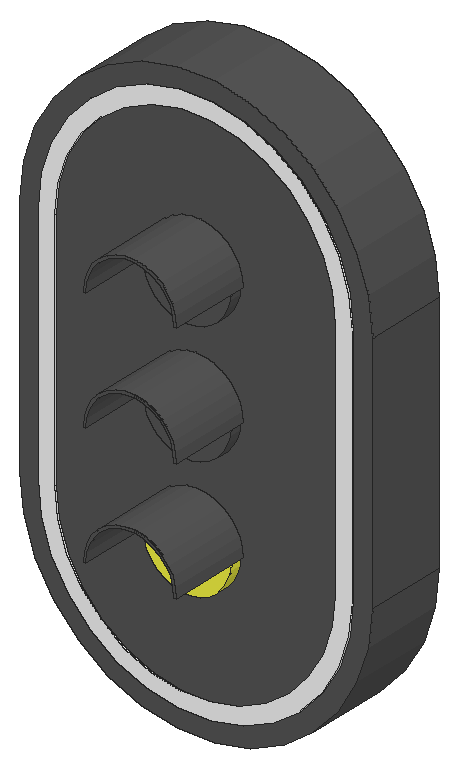
Revit family "SIG_TS_TypeA", category Equipement électrique, Revit 2019
Family settings
  Configuration du panneau = Deux colonnes, circuits au sein
  Cote de connecteur circulaire = Utiliser le diamètre
  Type d'élément = Tableau de raccordement
  Basée sur le plan de construction = Non
  Toujours verticalement = Oui
  Couper avec des vides une fois chargée = Non
  Partagée = Non
  Point de calcul de pièce = Non
Parameters (values of type "Right")
  Visibility_r [instance] = yes
  Visibility_l [instance] = no
  Lateral_offset_r [instance] = Lateral_offset  # 1000 mm
  Lateral_offset_l [instance] = Lateral_offset  # 1000 mm
  Lateral_offset [instance] = 1000 mm
  Elevation [instance] = 1000 mm
  Chainage [instance] = ""
Types (3, lengths in mm): name | Visibility_r | Visibility_l
  (no name) | yes | no
  Left | no | yes
  Right | yes | no
Reference planes
  plane 1 "Centre (avant/arrière)": y = 0
  plane 2: z = 0
  plane 3 "Centre (gauche/droite)": x = 0
  plane 4 "Base Plane": z = 1000
Dimensions and locks
  "Elevation": level to plane 4 "Base Plane"
  "Lateral_offset_r": nested 1 to plane 3 "Centre (gauche/droite)"
  "Lateral_offset_l": plane 3 "Centre (gauche/droite)" to nested 2
  aligned and locked: level to plane 2
  aligned and locked: plane 1 "Centre (avant/arrière)" to nested 2
  aligned and locked: plane 1 "Centre (avant/arrière)" to nested 1
Nested families
  nested 1: "SIG_TypeA" at (1320, 0, 1000), visible <- "Visibility_r", type "Base"
  nested 2: "SIG_TypeA" at (-1320, 0, 1000), visible <- "Visibility_l", type "Base"
Definition of nested family "SIG_TypeA"
  Parameters (values of type "Base")
    Default Elevation = 1219.2 mm
  Reference planes
    plane 1 "Centre (avant/arrière)": y = 0
    plane 2: z = 0
    plane 3 "Centre (gauche/droite)": x = 0
  Forms (mm)
    Extrusion 1, solid
      sketch origin (-180, 0, 0) x (1, 0, 0) y (0, 0, 1)
        loop
          line (500, 320) -> (500, 760)
          arc (500, 760) -> (180, 1080) -> (-140, 760) r 320
          line (-140, 760) -> (-140, 320)
          arc (-140, 320) -> (180, 0) -> (500, 320) r 320
      from 0 to 150
    Sweep 2, solid
      path origin (-180, -150, 0) x (1, 0, 0) y (0, 0, 1)
        loop
          line (450, 320) -> (450, 760)
          arc (450, 760) -> (180, 1030) -> (-90, 760) r 270
          line (-90, 760) -> (-90, 320)
          arc (-90, 320) -> (180, 50) -> (450, 320) r 270
      profile origin (270, -150, 540) x (-1, 0, 0) y (0, -1, 0)
        loop
          line (15, 0) -> (15, 2) -> (-15, 2) -> (-15, 0) -> (15, 0)
    Extrusion 3, solid
      sketch origin (-180, -150, 0) x (1, 0, 0) y (0, 0, 1)
        loop
          circle (180, 320) r 80
      from 0 to 20
    Extrusion 4, solid
      sketch origin (-180, -150, 220) x (1, 0, 0) y (0, 0, 1)
        loop
          circle (180, 320) r 80
      from 0 to 20
    Extrusion 5, solid
      sketch origin (-180, -150, 440) x (1, 0, 0) y (0, 0, 1)
        loop
          circle (180, 320) r 80
      from 0 to 20
    Extrusion 6, solid
      sketch origin (-180, -150, -660) x (1, 0, 0) y (0, 0, 1)
        loop
          line (260, 1420) -> (265, 1420)
          arc (265, 1420) -> (180, 1505) -> (95, 1420) r 85
          line (95, 1420) -> (100, 1420)
          arc (100, 1420) -> (180, 1500) -> (260, 1420) r 80
      from 0 to 150
    Extrusion 7, solid
      sketch origin (-180, -150, -880) x (1, 0, 0) y (0, 0, 1)
        loop
          line (260, 1420) -> (265, 1420)
          arc (265, 1420) -> (180, 1505) -> (95, 1420) r 85
          line (95, 1420) -> (100, 1420)
          arc (100, 1420) -> (180, 1500) -> (260, 1420) r 80
      from 0 to 150
    Extrusion 8, solid
      sketch origin (-180, -150, -1100) x (1, 0, 0) y (0, 0, 1)
        loop
          line (260, 1420) -> (265, 1420)
          arc (265, 1420) -> (180, 1505) -> (95, 1420) r 85
          line (95, 1420) -> (100, 1420)
          arc (100, 1420) -> (180, 1500) -> (260, 1420) r 80
      from 0 to 150
  Dimensions and locks
    aligned and locked: level to plane 2
